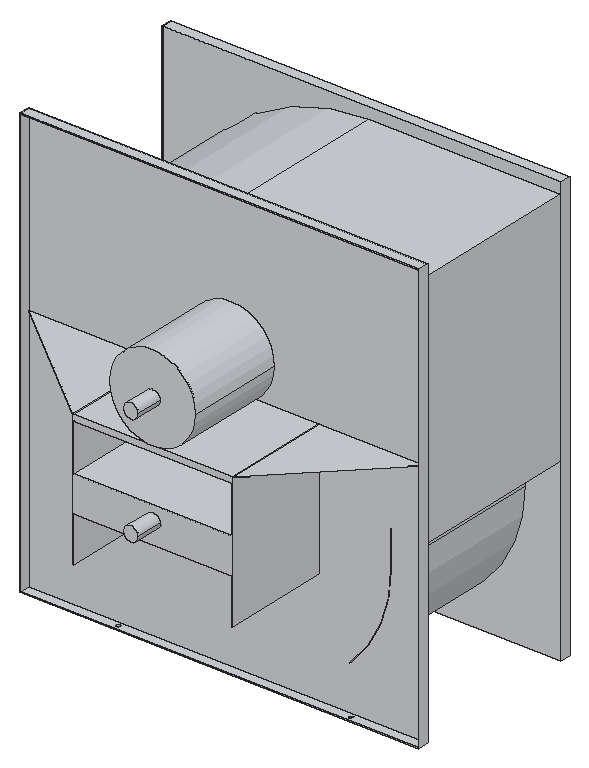
Revit family "CA-4_SWSI_ARR_2_CW_THD", category Mechanical Equipment, Revit 2019
Family settings
  Round Connector Dimension = Use Radius
  Part Type = Normal
  Work Plane-Based = No
  Always vertical = Yes
  Cut with Voids When Loaded = No
  Shared = No
  Room Calculation Point = No
Parameters (values of type "600_CA-4_SWSI_ARR_2_CW_THD_CLASS_3")
  S = 32"
  R = 49 5/16"
  P = 24 21/32"
  O/2 = O / 2  # 17/32"
  O = 1 1/16"
  N/2 = N / 2  # 1 31/32"
  N = 3 15/16"
  ModelID [instance] = ""
  MOTOR_RAD = N * 3  # 11 13/16"
  M = 66 11/16"
  L = 10"
  K = 56 11/16"
  J = 3"
  INLET_RAD/2 = INLET_RAD / 2  # 16 1/2"
  INLET_RAD+1.5" = INLET_RAD + 1 1/2"  # 34 1/2"
  INLET_RAD = INLET_DIA / 2  # 33"
  INLET_DIA = 66"
  H = 51 5/8"
  G/5 = G / 5  # 21.925"
  G = 109 5/8"
  F = 118"
  Unit Weight [instance] = ""
  Sones [instance] = ""
  Motor RPM [instance] = ""
  Motor Enclosure [instance] = ""
  LwA [instance] = ""
  Fan RPM [instance] = ""
  E-(INLET_RAD+1.5") = E - (INLET_RAD + 1 1/2")  # 15 1/4"
  E+(INLET_RAD+1.5") = E + (INLET_RAD + 1 1/2")  # 84 1/4"
  E = 49 3/4"
  D-((D-B)/2) = D - ((D - B) / 2)  # 48 13/16"
  D = 51 13/16"
  B = 45 13/16"
  Accessories [instance] = ""
  ARR_2_L-ARR_2_K = ARR_2_L - ARR_2_K  # 26 7/8"
  ARR_2_L = 34 3/8"
  ARR_2_K = 7 1/2"
  A = 65 5/8"
  3" = 3"  # constant formula
  Brake Hp [instance] = ""
  4" = 4"  # constant formula
  2N = N + N  # 7 7/8"
  2' = 24"
  2" = 2"  # constant formula
  1" = 1"  # constant formula
  0 = 0"  # constant formula
  Voltage [instance] = 0 V
  URL = "www.lorencook.com"
  Type Comments = "Airfoil Centrifugal Blower Arrangement 2 Clockwise Top Horizontal Discharge"  # constant formula
  Static Pressure [instance] = 0.00 in-wg
  Power [instance] = Voltage * Motor FLA * sqrt(if(Phase = 3, 3, 1))  # 0 VA
  Phase [instance] = 0
  Number of Poles [instance] = 1
  Motor Hp [instance] = "0"
  Motor FLA [instance] = 0 A
  Model = "CA-4 SWSI ARR 2 CW THD CLASS 3"
  Manufacturer = "Loren Cook Company"
  CFM [instance] = 0 CFM
  1.5 = 1 1/2"  # constant formula
  ONE EIGTH = 1/8"  # constant formula
  -(ARR_2_L - ARR_2_K) = -(ARR_2_L - ARR_2_K)  # -26 7/8"
  -(((K-B)/2)-.125") = -(((K - B) / 2) - 1/8")  # -5 5/16"
  -(((D - B) / 2) - 1/8") = -(((D - B) / 2) - 1/8")  # -2 7/8"
  (R-B)/2 = (R - B) / 2  # 1 3/4"
  ((K-B)/2)+B = ((K - B) / 2) + B  # 51 1/4"
  (D-B)/2 = (D - B) / 2  # 3"
  -(((K-B)/2)+L) = -(((K - B) / 2) + L)  # -15 7/16"
  ((D-B)/2)-.125" = ((D - B) / 2) - 1/8"  # 2 7/8"
Types (55): name | S | R | P | O/2 | O | N/2 | N | MOTOR_RAD | M | L | K | J | INLET_RAD/2 | INLET_RAD+1.5" | INLET_RAD | INLET_DIA | H | G/5 | G | F | E-(INLET_RAD+1.5") | E+(INLET_RAD+1.5") | E | D-((D-B)/2) | D | B | ARR_2_L-ARR_2_K | ARR_2_L | ARR_2_K | A | 2N | Model | -(ARR_2_L - ARR_2_K) | -(((K-B)/2)-.125") | -(((D - B) / 2) - 1/8") | (R-B)/2 | ((K-B)/2)+B | (D-B)/2 | -(((K-B)/2)+L) | ((D-B)/2)-.125"
  (no name) | 32" | 49 5/16" | 24 21/32" | 17/32" | 1 1/16" | 1 31/32" | 3 15/16" | 11 13/16" | 66 11/16" | 10" | 56 11/16" | 3" | 16 1/2" | 34 1/2" | 33" | 66" | 51 5/8" | 21.925" | 109 5/8" | 118" | 15 1/4" | 84 1/4" | 49 3/4" | 48 13/16" | 51 13/16" | 45 13/16" | 26 7/8" | 34 3/8" | 7 1/2" | 65 5/8" | 7 7/8" | "CA-4 SWSI ARR 2 CW THD CLASS 3" | -26 7/8" | -5 5/16" | -2 7/8" | 1 3/4" | 51 1/4" | 3" | -15 7/16" | 2 7/8"
  120_CA-4_SWSI_ARR_2_CW_THD_CLASS_1 | 7 1/2" | 11 7/16" | 5 23/32" | 11/32" | 11/16" | 1/2" | 1" | 3" | 18 7/8" | 3" | 15 7/8" | 2" | 4 1/16" | 9 5/8" | 8 1/8" | 16 1/4" | 10 3/8" | 4.55" | 22 3/4" | 25 3/4" | 1 1/8" | 20 3/8" | 10 3/4" | 11 3/16" | 13 3/16" | 9 3/16" | 17 5/8" | 21 5/8" | 4" | 13 1/8" | 2" | "CA-4 SWSI ARR 2 CW THD CLASS 1" | -17 5/8" | -3 7/32" | -1 7/8" | 1 1/8" | 12 17/32" | 2" | -6 11/32" | 1 7/8"
  120_CA-4_SWSI_ARR_2_CW_THD_CLASS_2 | 7 1/2" | 11 7/16" | 5 23/32" | 11/32" | 11/16" | 1/2" | 1" | 3" | 18 7/8" | 3" | 15 7/8" | 2" | 4 1/16" | 9 5/8" | 8 1/8" | 16 1/4" | 10 3/8" | 4.55" | 22 3/4" | 25 3/4" | 1 1/8" | 20 3/8" | 10 3/4" | 11 3/16" | 13 3/16" | 9 3/16" | 17 5/8" | 21 5/8" | 4" | 13 1/8" | 2" | "CA-4 SWSI ARR 2 CW THD CLASS 2" | -17 5/8" | -3 7/32" | -1 7/8" | 1 1/8" | 12 17/32" | 2" | -6 11/32" | 1 7/8"
  120_CA-4_SWSI_ARR_2_CW_THD_CLASS_3 | 7 1/2" | 11 7/16" | 5 23/32" | 11/32" | 11/16" | 19/32" | 1 3/16" | 3 9/16" | 18 7/8" | 3" | 15 7/8" | 2" | 4 1/16" | 9 5/8" | 8 1/8" | 16 1/4" | 10 3/8" | 4.55" | 22 3/4" | 25 3/4" | 1 1/8" | 20 3/8" | 10 3/4" | 11 3/16" | 13 3/16" | 9 3/16" | 17 5/8" | 21 5/8" | 4" | 13 1/8" | 2 3/8" | "CA-4 SWSI ARR 2 CW THD CLASS 3" | -17 5/8" | -3 7/32" | -1 7/8" | 1 1/8" | 12 17/32" | 2" | -6 11/32" | 1 7/8"
  135_CA-4_SWSI_ARR_2_CW_THD_CLASS_1 | 8 1/2" | 12 9/16" | 6 9/32" | 11/32" | 11/16" | 1/2" | 1" | 3" | 20" | 3" | 17" | 2" | 4 7/16" | 10 3/8" | 8 7/8" | 17 3/4" | 11 5/8" | 5.1" | 25 1/2" | 28 3/4" | 1 5/8" | 22 3/8" | 12" | 12 5/16" | 14 5/16" | 10 5/16" | 17 5/8" | 21 5/8" | 4" | 14 3/4" | 2" | "CA-4 SWSI ARR 2 CW THD CLASS 1" | -17 5/8" | -3 7/32" | -1 7/8" | 1 1/8" | 13 21/32" | 2" | -6 11/32" | 1 7/8"
  135_CA-4_SWSI_ARR_2_CW_THD_CLASS_2 | 8 1/2" | 12 9/16" | 6 9/32" | 11/32" | 11/16" | 1/2" | 1" | 3" | 20" | 3" | 17" | 2" | 4 7/16" | 10 3/8" | 8 7/8" | 17 3/4" | 11 5/8" | 5.1" | 25 1/2" | 28 3/4" | 1 5/8" | 22 3/8" | 12" | 12 5/16" | 14 5/16" | 10 5/16" | 17 5/8" | 21 5/8" | 4" | 14 3/4" | 2" | "CA-4 SWSI ARR 2 CW THD CLASS 2" | -17 5/8" | -3 7/32" | -1 7/8" | 1 1/8" | 13 21/32" | 2" | -6 11/32" | 1 7/8"
  135_CA-4_SWSI_ARR_2_CW_THD_CLASS_3 | 8 1/2" | 12 9/16" | 6 9/32" | 11/32" | 11/16" | 19/32" | 1 3/16" | 3 9/16" | 20" | 3" | 17" | 2" | 4 7/16" | 10 3/8" | 8 7/8" | 17 3/4" | 11 5/8" | 5.1" | 25 1/2" | 28 3/4" | 1 5/8" | 22 3/8" | 12" | 12 5/16" | 14 5/16" | 10 5/16" | 17 5/8" | 21 5/8" | 4" | 14 3/4" | 2 3/8" | "CA-4 SWSI ARR 2 CW THD CLASS 3" | -17 5/8" | -3 7/32" | -1 7/8" | 1 1/8" | 13 21/32" | 2" | -6 11/32" | 1 7/8"
  150_CA-4_SWSI_ARR_2_CW_THD_CLASS_1 | 9" | 13 11/16" | 6 27/32" | 11/32" | 11/16" | 1/2" | 1" | 3" | 21 1/8" | 3" | 18 1/8" | 2" | 4 13/16" | 11 1/8" | 9 5/8" | 19 1/4" | 12 7/8" | 5 5/8" | 28 1/8" | 31 5/8" | 2 1/8" | 24 3/8" | 13 1/4" | 13 7/16" | 15 7/16" | 11 7/16" | 17 5/8" | 21 5/8" | 4" | 16 7/16" | 2" | "CA-4 SWSI ARR 2 CW THD CLASS 1" | -17 5/8" | -3 7/32" | -1 7/8" | 1 1/8" | 14 25/32" | 2" | -6 11/32" | 1 7/8"
  150_CA-4_SWSI_ARR_2_CW_THD_CLASS_2 | 9" | 13 11/16" | 6 27/32" | 11/32" | 11/16" | 19/32" | 1 3/16" | 3 9/16" | 21 1/8" | 3" | 18 1/8" | 2" | 4 13/16" | 11 1/8" | 9 5/8" | 19 1/4" | 12 7/8" | 5 5/8" | 28 1/8" | 31 5/8" | 2 1/8" | 24 3/8" | 13 1/4" | 13 7/16" | 15 7/16" | 11 7/16" | 17 5/8" | 21 5/8" | 4" | 16 7/16" | 2 3/8" | "CA-4 SWSI ARR 2 CW THD CLASS 2" | -17 5/8" | -3 7/32" | -1 7/8" | 1 1/8" | 14 25/32" | 2" | -6 11/32" | 1 7/8"
  150_CA-4_SWSI_ARR_2_CW_THD_CLASS_3 | 9" | 13 11/16" | 6 27/32" | 11/32" | 11/16" | 23/32" | 1 7/16" | 4 5/16" | 21 1/8" | 3" | 18 1/8" | 2" | 4 13/16" | 11 1/8" | 9 5/8" | 19 1/4" | 12 7/8" | 5 5/8" | 28 1/8" | 31 5/8" | 2 1/8" | 24 3/8" | 13 1/4" | 13 7/16" | 15 7/16" | 11 7/16" | 17 5/8" | 21 5/8" | 4" | 16 7/16" | 2 7/8" | "CA-4 SWSI ARR 2 CW THD CLASS 3" | -17 5/8" | -3 7/32" | -1 7/8" | 1 1/8" | 14 25/32" | 2" | -6 11/32" | 1 7/8"
  165_CA-4_SWSI_ARR_2_CW_THD_CLASS_1 | 10" | 14 7/8" | 7 7/16" | 11/32" | 11/16" | 1/2" | 1" | 3" | 23 15/16" | 4" | 19 5/16" | 2" | 5 5/16" | 12 1/8" | 10 5/8" | 21 1/4" | 14 1/4" | 6.175" | 30 7/8" | 34 3/8" | 2 1/4" | 26 1/2" | 14 3/8" | 14 5/8" | 16 5/8" | 12 5/8" | 17 5/8" | 21 5/8" | 4" | 18 1/16" | 2" | "CA-4 SWSI ARR 2 CW THD CLASS 1" | -17 5/8" | -3 7/32" | -1 7/8" | 1 1/8" | 15 31/32" | 2" | -7 11/32" | 1 7/8"
  165_CA-4_SWSI_ARR_2_CW_THD_CLASS_2 | 10" | 14 7/8" | 7 7/16" | 11/32" | 11/16" | 19/32" | 1 3/16" | 3 9/16" | 23 15/16" | 4" | 19 5/16" | 2" | 5 5/16" | 12 1/8" | 10 5/8" | 21 1/4" | 14 1/4" | 6.175" | 30 7/8" | 34 3/8" | 2 1/4" | 26 1/2" | 14 3/8" | 14 5/8" | 16 5/8" | 12 5/8" | 17 5/8" | 21 5/8" | 4" | 18 1/16" | 2 3/8" | "CA-4 SWSI ARR 2 CW THD CLASS 2" | -17 5/8" | -3 7/32" | -1 7/8" | 1 1/8" | 15 31/32" | 2" | -7 11/32" | 1 7/8"
  165_CA-4_SWSI_ARR_2_CW_THD_CLASS_3 | 10" | 14 7/8" | 7 7/16" | 11/32" | 11/16" | 23/32" | 1 7/16" | 4 5/16" | 23 15/16" | 4" | 19 5/16" | 2" | 5 5/16" | 12 1/8" | 10 5/8" | 21 1/4" | 14 1/4" | 6.175" | 30 7/8" | 34 3/8" | 2 1/4" | 26 1/2" | 14 3/8" | 14 5/8" | 16 5/8" | 12 5/8" | 17 5/8" | 21 5/8" | 4" | 18 1/16" | 2 7/8" | "CA-4 SWSI ARR 2 CW THD CLASS 3" | -17 5/8" | -3 7/32" | -1 7/8" | 1 1/8" | 15 31/32" | 2" | -7 11/32" | 1 7/8"
  180_CA-4_SWSI_ARR_2_CW_THD_CLASS_1 | 11" | 16" | 8" | 11/32" | 11/16" | 19/32" | 1 3/16" | 3 9/16" | 24 15/16" | 4 1/2" | 20 7/16" | 2" | 5 11/16" | 12 7/8" | 11 3/8" | 22 3/4" | 15 1/2" | 6.725" | 33 5/8" | 37 1/8" | 2 3/4" | 28 1/2" | 15 5/8" | 15 3/4" | 17 3/4" | 13 3/4" | 20 1/8" | 24 3/8" | 4 1/4" | 19 11/16" | 2 3/8" | "CA-4 SWSI ARR 2 CW THD CLASS 1" | -20 1/8" | -3 7/32" | -1 7/8" | 1 1/8" | 17 3/32" | 2" | -7 27/32" | 1 7/8"
  180_CA-4_SWSI_ARR_2_CW_THD_CLASS_2 | 11" | 16" | 8" | 11/32" | 11/16" | 23/32" | 1 7/16" | 4 5/16" | 24 15/16" | 4 1/2" | 20 7/16" | 2" | 5 11/16" | 12 7/8" | 11 3/8" | 22 3/4" | 15 1/2" | 6.725" | 33 5/8" | 37 1/8" | 2 3/4" | 28 1/2" | 15 5/8" | 15 3/4" | 17 3/4" | 13 3/4" | 20 1/8" | 24 3/8" | 4 1/4" | 19 11/16" | 2 7/8" | "CA-4 SWSI ARR 2 CW THD CLASS 2" | -20 1/8" | -3 7/32" | -1 7/8" | 1 1/8" | 17 3/32" | 2" | -7 27/32" | 1 7/8"
  180_CA-4_SWSI_ARR_2_CW_THD_CLASS_3 | 11" | 16" | 8" | 11/32" | 11/16" | 27/32" | 1 11/16" | 5 1/16" | 24 15/16" | 4 1/2" | 20 7/16" | 2" | 5 11/16" | 12 7/8" | 11 3/8" | 22 3/4" | 15 1/2" | 6.725" | 33 5/8" | 37 1/8" | 2 3/4" | 28 1/2" | 15 5/8" | 15 3/4" | 17 3/4" | 13 3/4" | 20 1/8" | 24 3/8" | 4 1/4" | 19 11/16" | 3 3/8" | "CA-4 SWSI ARR 2 CW THD CLASS 3" | -20 1/8" | -3 7/32" | -1 7/8" | 1 1/8" | 17 3/32" | 2" | -7 27/32" | 1 7/8"
  195_CA-4_SWSI_ARR_2_CW_THD_CLASS_1 | 11 1/2" | 17 3/16" | 8 19/32" | 11/32" | 11/16" | 23/32" | 1 7/16" | 4 5/16" | 27 3/16" | 4 1/2" | 22 11/16" | 2" | 6 1/16" | 13 5/8" | 12 1/8" | 24 1/4" | 16 3/4" | 7 1/4" | 36 1/4" | 40" | 3 1/8" | 30 3/8" | 16 3/4" | 16 15/16" | 18 15/16" | 14 15/16" | 20 1/8" | 24 3/8" | 4 1/4" | 21 5/16" | 2 7/8" | "CA-4 SWSI ARR 2 CW THD CLASS 1" | -20 1/8" | -3 3/4" | -1 7/8" | 1 1/8" | 18 13/16" | 2" | -8 3/8" | 1 7/8"
  195_CA-4_SWSI_ARR_2_CW_THD_CLASS_2 | 11 1/2" | 17 3/16" | 8 19/32" | 11/32" | 11/16" | 23/32" | 1 7/16" | 4 5/16" | 27 3/16" | 4 1/2" | 22 11/16" | 2" | 6 1/16" | 13 5/8" | 12 1/8" | 24 1/4" | 16 3/4" | 7 1/4" | 36 1/4" | 40" | 3 1/8" | 30 3/8" | 16 3/4" | 16 15/16" | 18 15/16" | 14 15/16" | 20 1/8" | 24 3/8" | 4 1/4" | 21 5/16" | 2 7/8" | "CA-4 SWSI ARR 2 CW THD CLASS 2" | -20 1/8" | -3 3/4" | -1 7/8" | 1 1/8" | 18 13/16" | 2" | -8 3/8" | 1 7/8"
  195_CA-4_SWSI_ARR_2_CW_THD_CLASS_3 | 11 1/2" | 17 3/16" | 8 19/32" | 11/32" | 11/16" | 27/32" | 1 11/16" | 5 1/16" | 27 3/16" | 4 1/2" | 22 11/16" | 2" | 6 1/16" | 13 5/8" | 12 1/8" | 24 1/4" | 16 3/4" | 7 1/4" | 36 1/4" | 40" | 3 1/8" | 30 3/8" | 16 3/4" | 16 15/16" | 18 15/16" | 14 15/16" | 20 1/8" | 24 3/8" | 4 1/4" | 21 5/16" | 3 3/8" | "CA-4 SWSI ARR 2 CW THD CLASS 3" | -20 1/8" | -3 3/4" | -1 7/8" | 1 1/8" | 18 13/16" | 2" | -8 3/8" | 1 7/8"
  210_CA-4_SWSI_ARR_2_CW_THD_CLASS_1 | 12" | 18 5/16" | 9 5/32" | 13/32" | 13/16" | 23/32" | 1 7/16" | 4 5/16" | 28 13/16" | 5" | 23 13/16" | 2" | 6 1/2" | 14 1/2" | 13" | 26" | 18 1/8" | 7.825" | 39 1/8" | 42 7/8" | 3 1/2" | 32 1/2" | 18" | 18 1/16" | 20 1/16" | 16 1/16" | 23 1/8" | 27 3/8" | 4 1/4" | 23" | 2 7/8" | "CA-4 SWSI ARR 2 CW THD CLASS 1" | -23 1/8" | -3 3/4" | -1 7/8" | 1 1/8" | 19 15/16" | 2" | -8 7/8" | 1 7/8"
  210_CA-4_SWSI_ARR_2_CW_THD_CLASS_2 | 12" | 18 5/16" | 9 5/32" | 13/32" | 13/16" | 23/32" | 1 7/16" | 4 5/16" | 28 13/16" | 5" | 23 13/16" | 2" | 6 1/2" | 14 1/2" | 13" | 26" | 18 1/8" | 7.825" | 39 1/8" | 42 7/8" | 3 1/2" | 32 1/2" | 18" | 18 1/16" | 20 1/16" | 16 1/16" | 23 1/8" | 27 3/8" | 4 1/4" | 23" | 2 7/8" | "CA-4 SWSI ARR 2 CW THD CLASS 2" | -23 1/8" | -3 3/4" | -1 7/8" | 1 1/8" | 19 15/16" | 2" | -8 7/8" | 1 7/8"
  210_CA-4_SWSI_ARR_2_CW_THD_CLASS_3 | 12" | 18 5/16" | 9 5/32" | 13/32" | 13/16" | 27/32" | 1 11/16" | 5 1/16" | 28 13/16" | 5" | 23 13/16" | 2" | 6 1/2" | 14 1/2" | 13" | 26" | 18 1/8" | 7.825" | 39 1/8" | 42 7/8" | 3 1/2" | 32 1/2" | 18" | 18 1/16" | 20 1/16" | 16 1/16" | 23 1/8" | 27 3/8" | 4 1/4" | 23" | 3 3/8" | "CA-4 SWSI ARR 2 CW THD CLASS 3" | -23 1/8" | -3 3/4" | -1 7/8" | 1 1/8" | 19 15/16" | 2" | -8 7/8" | 1 7/8"
  225_CA-4_SWSI_ARR_2_CW_THD_CLASS_1 | 12 1/2" | 19 7/16" | 9 23/32" | 13/32" | 13/16" | 23/32" | 1 7/16" | 4 5/16" | 29 15/16" | 5" | 24 15/16" | 2" | 6 7/8" | 15 1/4" | 13 3/4" | 27 1/2" | 19 3/8" | 8.35" | 41 3/4" | 45 3/4" | 4" | 34 1/2" | 19 1/4" | 19 3/16" | 21 3/16" | 17 3/16" | 23 1/8" | 27 3/8" | 4 1/4" | 24 5/8" | 2 7/8" | "CA-4 SWSI ARR 2 CW THD CLASS 1" | -23 1/8" | -3 3/4" | -1 7/8" | 1 1/8" | 21 1/16" | 2" | -8 7/8" | 1 7/8"
  225_CA-4_SWSI_ARR_2_CW_THD_CLASS_2 | 12 1/2" | 19 7/16" | 9 23/32" | 13/32" | 13/16" | 23/32" | 1 7/16" | 4 5/16" | 29 15/16" | 5" | 24 15/16" | 2" | 6 7/8" | 15 1/4" | 13 3/4" | 27 1/2" | 19 3/8" | 8.35" | 41 3/4" | 45 3/4" | 4" | 34 1/2" | 19 1/4" | 19 3/16" | 21 3/16" | 17 3/16" | 23 1/8" | 27 3/8" | 4 1/4" | 24 5/8" | 2 7/8" | "CA-4 SWSI ARR 2 CW THD CLASS 2" | -23 1/8" | -3 3/4" | -1 7/8" | 1 1/8" | 21 1/16" | 2" | -8 7/8" | 1 7/8"
  225_CA-4_SWSI_ARR_2_CW_THD_CLASS_3 | 12 1/2" | 19 7/16" | 9 23/32" | 13/32" | 13/16" | 27/32" | 1 11/16" | 5 1/16" | 29 15/16" | 5" | 24 15/16" | 2" | 6 7/8" | 15 1/4" | 13 3/4" | 27 1/2" | 19 3/8" | 8.35" | 41 3/4" | 45 3/4" | 4" | 34 1/2" | 19 1/4" | 19 3/16" | 21 3/16" | 17 3/16" | 23 1/8" | 27 3/8" | 4 1/4" | 24 5/8" | 3 3/8" | "CA-4 SWSI ARR 2 CW THD CLASS 3" | -23 1/8" | -3 3/4" | -1 7/8" | 1 1/8" | 21 1/16" | 2" | -8 7/8" | 1 7/8"
  245_CA-4_SWSI_ARR_2_CW_THD_CLASS_1 | 13 1/2" | 21" | 10 1/2" | 13/32" | 13/16" | 23/32" | 1 7/16" | 4 5/16" | 32" | 5 1/2" | 26 1/2" | 2" | 7 3/8" | 16 1/4" | 14 3/4" | 29 1/2" | 21 1/8" | 9.075" | 45 3/8" | 49 1/2" | 4 5/8" | 37 1/8" | 20 7/8" | 20 3/4" | 22 3/4" | 18 3/4" | 22 9/16" | 27 13/16" | 5 1/4" | 26 13/16" | 2 7/8" | "CA-4 SWSI ARR 2 CW THD CLASS 1" | -22 9/16" | -3 3/4" | -1 7/8" | 1 1/8" | 22 5/8" | 2" | -9 3/8" | 1 7/8"
  245_CA-4_SWSI_ARR_2_CW_THD_CLASS_2 | 13 1/2" | 21" | 10 1/2" | 13/32" | 13/16" | 27/32" | 1 11/16" | 5 1/16" | 32" | 5 1/2" | 26 1/2" | 2" | 7 3/8" | 16 1/4" | 14 3/4" | 29 1/2" | 21 1/8" | 9.075" | 45 3/8" | 49 1/2" | 4 5/8" | 37 1/8" | 20 7/8" | 20 3/4" | 22 3/4" | 18 3/4" | 22 9/16" | 27 13/16" | 5 1/4" | 26 13/16" | 3 3/8" | "CA-4 SWSI ARR 2 CW THD CLASS 2" | -22 9/16" | -3 3/4" | -1 7/8" | 1 1/8" | 22 5/8" | 2" | -9 3/8" | 1 7/8"
  245_CA-4_SWSI_ARR_2_CW_THD_CLASS_3 | 13 1/2" | 21" | 10 1/2" | 13/32" | 13/16" | 31/32" | 1 15/16" | 5 13/16" | 32" | 5 1/2" | 26 1/2" | 2" | 7 3/8" | 16 1/4" | 14 3/4" | 29 1/2" | 21 1/8" | 9.075" | 45 3/8" | 49 1/2" | 4 5/8" | 37 1/8" | 20 7/8" | 20 3/4" | 22 3/4" | 18 3/4" | 22 9/16" | 27 13/16" | 5 1/4" | 26 13/16" | 3 7/8" | "CA-4 SWSI ARR 2 CW THD CLASS 3" | -22 9/16" | -3 3/4" | -1 7/8" | 1 1/8" | 22 5/8" | 2" | -9 3/8" | 1 7/8"
  270_CA-4_SWSI_ARR_2_CW_THD_CLASS_1 | 15" | 22 7/8" | 11 7/16" | 13/32" | 13/16" | 23/32" | 1 7/16" | 4 5/16" | 34 3/8" | 6" | 28 3/8" | 2" | 8" | 17 1/2" | 16" | 32" | 23 1/4" | 9.975" | 49 7/8" | 54 3/4" | 5 7/8" | 40 7/8" | 23 3/8" | 22 5/8" | 24 5/8" | 20 5/8" | 22 9/16" | 27 13/16" | 5 1/4" | 29 9/16" | 2 7/8" | "CA-4 SWSI ARR 2 CW THD CLASS 1" | -22 9/16" | -3 3/4" | -1 7/8" | 1 1/8" | 24 1/2" | 2" | -9 7/8" | 1 7/8"
  270_CA-4_SWSI_ARR_2_CW_THD_CLASS_2 | 15" | 22 7/8" | 11 7/16" | 13/32" | 13/16" | 27/32" | 1 11/16" | 5 1/16" | 34 3/8" | 6" | 28 3/8" | 2" | 8" | 17 1/2" | 16" | 32" | 23 1/4" | 9.975" | 49 7/8" | 54 3/4" | 5 7/8" | 40 7/8" | 23 3/8" | 22 5/8" | 24 5/8" | 20 5/8" | 22 9/16" | 27 13/16" | 5 1/4" | 29 9/16" | 3 3/8" | "CA-4 SWSI ARR 2 CW THD CLASS 2" | -22 9/16" | -3 3/4" | -1 7/8" | 1 1/8" | 24 1/2" | 2" | -9 7/8" | 1 7/8"
  270_CA-4_SWSI_ARR_2_CW_THD_CLASS_3 | 15" | 22 7/8" | 11 7/16" | 13/32" | 13/16" | 31/32" | 1 15/16" | 5 13/16" | 34 3/8" | 6" | 28 3/8" | 2" | 8" | 17 1/2" | 16" | 32" | 23 1/4" | 9.975" | 49 7/8" | 54 3/4" | 5 7/8" | 40 7/8" | 23 3/8" | 22 5/8" | 24 5/8" | 20 5/8" | 22 9/16" | 27 13/16" | 5 1/4" | 29 9/16" | 3 7/8" | "CA-4 SWSI ARR 2 CW THD CLASS 3" | -22 9/16" | -3 3/4" | -1 7/8" | 1 1/8" | 24 1/2" | 2" | -9 7/8" | 1 7/8"
  300_CA-4_SWSI_ARR_2_CW_THD_CLASS_1 | 16 1/2" | 25 3/16" | 12 19/32" | 13/32" | 13/16" | 27/32" | 1 11/16" | 5 1/16" | 37 3/16" | 6 1/2" | 30 11/16" | 2" | 8 3/4" | 19" | 17 1/2" | 35" | 25 7/8" | 11.075" | 55 3/8" | 60" | 6 3/8" | 44 3/8" | 25 3/8" | 24 15/16" | 26 15/16" | 22 15/16" | 24 7/8" | 30 3/4" | 5 7/8" | 32 13/16" | 3 3/8" | "CA-4 SWSI ARR 2 CW THD CLASS 1" | -24 7/8" | -3 3/4" | -1 7/8" | 1 1/8" | 26 13/16" | 2" | -10 3/8" | 1 7/8"
  300_CA-4_SWSI_ARR_2_CW_THD_CLASS_2 | 16 1/2" | 25 3/16" | 12 19/32" | 13/32" | 13/16" | 31/32" | 1 15/16" | 5 13/16" | 37 3/16" | 6 1/2" | 30 11/16" | 2" | 8 3/4" | 19" | 17 1/2" | 35" | 25 7/8" | 11.075" | 55 3/8" | 60" | 6 3/8" | 44 3/8" | 25 3/8" | 24 15/16" | 26 15/16" | 22 15/16" | 24 7/8" | 30 3/4" | 5 7/8" | 32 13/16" | 3 7/8" | "CA-4 SWSI ARR 2 CW THD CLASS 2" | -24 7/8" | -3 3/4" | -1 7/8" | 1 1/8" | 26 13/16" | 2" | -10 3/8" | 1 7/8"
  300_CA-4_SWSI_ARR_2_CW_THD_CLASS_3 | 16 1/2" | 25 3/16" | 12 19/32" | 13/32" | 13/16" | 1 3/32" | 2 3/16" | 6 9/16" | 37 3/16" | 6 1/2" | 30 11/16" | 2" | 8 3/4" | 19" | 17 1/2" | 35" | 25 7/8" | 11.075" | 55 3/8" | 60" | 6 3/8" | 44 3/8" | 25 3/8" | 24 15/16" | 26 15/16" | 22 15/16" | 24 7/8" | 30 3/4" | 5 7/8" | 32 13/16" | 4 3/8" | "CA-4 SWSI ARR 2 CW THD CLASS 3" | -24 7/8" | -3 3/4" | -1 7/8" | 1 1/8" | 26 13/16" | 2" | -10 3/8" | 1 7/8"
  330_CA-4_SWSI_ARR_2_CW_THD_CLASS_1 | 18" | 27 1/2" | 13 3/4" | 13/32" | 13/16" | 27/32" | 1 11/16" | 5 1/16" | 40" | 7" | 33" | 2" | 9 1/2" | 20 1/2" | 19" | 38" | 28 3/8" | 12.15" | 60 3/4" | 65 3/4" | 7 3/8" | 48 3/8" | 27 7/8" | 27 1/4" | 29 1/4" | 25 1/4" | 24 7/8" | 30 3/4" | 5 7/8" | 36 1/8" | 3 3/8" | "CA-4 SWSI ARR 2 CW THD CLASS 1" | -24 7/8" | -3 3/4" | -1 7/8" | 1 1/8" | 29 1/8" | 2" | -10 7/8" | 1 7/8"
  330_CA-4_SWSI_ARR_2_CW_THD_CLASS_2 | 18" | 27 1/2" | 13 3/4" | 13/32" | 13/16" | 1 3/32" | 2 3/16" | 6 9/16" | 40" | 7" | 33" | 2" | 9 1/2" | 20 1/2" | 19" | 38" | 28 3/8" | 12.15" | 60 3/4" | 65 3/4" | 7 3/8" | 48 3/8" | 27 7/8" | 27 1/4" | 29 1/4" | 25 1/4" | 24 7/8" | 30 3/4" | 5 7/8" | 36 1/8" | 4 3/8" | "CA-4 SWSI ARR 2 CW THD CLASS 2" | -24 7/8" | -3 3/4" | -1 7/8" | 1 1/8" | 29 1/8" | 2" | -10 7/8" | 1 7/8"
  330_CA-4_SWSI_ARR_2_CW_THD_CLASS_3 | 18" | 27 1/2" | 13 3/4" | 13/32" | 13/16" | 1 3/32" | 2 3/16" | 6 9/16" | 40" | 7" | 33" | 2" | 9 1/2" | 20 1/2" | 19" | 38" | 28 3/8" | 12.15" | 60 3/4" | 65 3/4" | 7 3/8" | 48 3/8" | 27 7/8" | 27 1/4" | 29 1/4" | 25 1/4" | 24 7/8" | 30 3/4" | 5 7/8" | 36 1/8" | 4 3/8" | "CA-4 SWSI ARR 2 CW THD CLASS 3" | -24 7/8" | -3 3/4" | -1 7/8" | 1 1/8" | 29 1/8" | 2" | -10 7/8" | 1 7/8"
  365_CA-4_SWSI_ARR_2_CW_THD_CLASS_1 | 20" | 30 1/8" | 15 1/16" | 13/32" | 13/16" | 31/32" | 1 15/16" | 5 13/16" | 43 1/8" | 7 1/2" | 35 5/8" | 2" | 10 3/8" | 22 1/4" | 20 3/4" | 41 1/2" | 31 3/8" | 13.4" | 67" | 72 3/8" | 8 3/8" | 52 7/8" | 30 5/8" | 29 7/8" | 31 7/8" | 27 7/8" | 27 1/8" | 33" | 5 7/8" | 39 15/16" | 3 7/8" | "CA-4 SWSI ARR 2 CW THD CLASS 1" | -27 1/8" | -3 3/4" | -1 7/8" | 1 1/8" | 31 3/4" | 2" | -11 3/8" | 1 7/8"
  365_CA-4_SWSI_ARR_2_CW_THD_CLASS_2 | 20" | 30 1/8" | 15 1/16" | 13/32" | 13/16" | 1 7/32" | 2 7/16" | 7 5/16" | 43 1/8" | 7 1/2" | 35 5/8" | 2" | 10 3/8" | 22 1/4" | 20 3/4" | 41 1/2" | 31 3/8" | 13.4" | 67" | 72 3/8" | 8 3/8" | 52 7/8" | 30 5/8" | 29 7/8" | 31 7/8" | 27 7/8" | 27 1/8" | 33" | 5 7/8" | 39 15/16" | 4 7/8" | "CA-4 SWSI ARR 2 CW THD CLASS 2" | -27 1/8" | -3 3/4" | -1 7/8" | 1 1/8" | 31 3/4" | 2" | -11 3/8" | 1 7/8"
  365_CA-4_SWSI_ARR_2_CW_THD_CLASS_3 | 20" | 30 1/8" | 15 1/16" | 13/32" | 13/16" | 1 7/32" | 2 7/16" | 7 5/16" | 43 1/8" | 7 1/2" | 35 5/8" | 2" | 10 3/8" | 22 1/4" | 20 3/4" | 41 1/2" | 31 3/8" | 13.4" | 67" | 72 3/8" | 8 3/8" | 52 7/8" | 30 5/8" | 29 7/8" | 31 7/8" | 27 7/8" | 27 1/8" | 33" | 5 7/8" | 39 15/16" | 4 7/8" | "CA-4 SWSI ARR 2 CW THD CLASS 3" | -27 1/8" | -3 3/4" | -1 7/8" | 1 1/8" | 31 3/4" | 2" | -11 3/8" | 1 7/8"
  402_CA-4_SWSI_ARR_2_CW_THD_CLASS_1 | 22" | 34 1/4" | 17 1/8" | 17/32" | 1 1/16" | 31/32" | 1 15/16" | 5 13/16" | 46 5/8" | 8" | 38 5/8" | 3" | 11 5/16" | 24 1/8" | 22 5/8" | 45 1/4" | 34 5/8" | 14.775" | 73 7/8" | 80 3/8" | 9 1/2" | 57 3/4" | 33 5/8" | 33 3/4" | 36 3/4" | 30 3/4" | 25 7/16" | 31 5/16" | 5 7/8" | 44 1/16" | 3 7/8" | "CA-4 SWSI ARR 2 CW THD CLASS 1" | -25 7/16" | -3 13/16" | -2 7/8" | 1 3/4" | 34 11/16" | 3" | -11 15/16" | 2 7/8"
  402_CA-4_SWSI_ARR_2_CW_THD_CLASS_2 | 22" | 34 1/4" | 17 1/8" | 17/32" | 1 1/16" | 1 7/32" | 2 7/16" | 7 5/16" | 46 5/8" | 8" | 38 5/8" | 3" | 11 5/16" | 24 1/8" | 22 5/8" | 45 1/4" | 34 5/8" | 14.775" | 73 7/8" | 80 3/8" | 9 1/2" | 57 3/4" | 33 5/8" | 33 3/4" | 36 3/4" | 30 3/4" | 25 7/16" | 31 5/16" | 5 7/8" | 44 1/16" | 4 7/8" | "CA-4 SWSI ARR 2 CW THD CLASS 2" | -25 7/16" | -3 13/16" | -2 7/8" | 1 3/4" | 34 11/16" | 3" | -11 15/16" | 2 7/8"
  402_CA-4_SWSI_ARR_2_CW_THD_CLASS_3 | 22" | 34 1/4" | 17 1/8" | 17/32" | 1 1/16" | 1 11/32" | 2 11/16" | 8 1/16" | 46 5/8" | 8" | 38 5/8" | 3" | 11 5/16" | 24 1/8" | 22 5/8" | 45 1/4" | 34 5/8" | 14.775" | 73 7/8" | 80 3/8" | 9 1/2" | 57 3/4" | 33 5/8" | 33 3/4" | 36 3/4" | 30 3/4" | 25 7/16" | 31 5/16" | 5 7/8" | 44 1/16" | 5 3/8" | "CA-4 SWSI ARR 2 CW THD CLASS 3" | -25 7/16" | -3 13/16" | -2 7/8" | 1 3/4" | 34 11/16" | 3" | -11 15/16" | 2 7/8"
  445_CA-4_SWSI_ARR_2_CW_THD_CLASS_1 | 24" | 37 1/2" | 18 3/4" | 17/32" | 1 1/16" | 31/32" | 1 15/16" | 5 13/16" | 50 3/8" | 8 1/2" | 41 7/8" | 3" | 12 3/8" | 26 1/4" | 24 3/4" | 49 1/2" | 38 1/4" | 16.3" | 81 1/2" | 88 1/2" | 10 7/8" | 63 3/8" | 37 1/8" | 37" | 40" | 34" | 26 11/16" | 33 1/16" | 6 3/8" | 48 11/16" | 3 7/8" | "CA-4 SWSI ARR 2 CW THD CLASS 1" | -26 11/16" | -3 13/16" | -2 7/8" | 1 3/4" | 37 15/16" | 3" | -12 7/16" | 2 7/8"
  445_CA-4_SWSI_ARR_2_CW_THD_CLASS_2 | 24" | 37 1/2" | 18 3/4" | 17/32" | 1 1/16" | 1 11/32" | 2 11/16" | 8 1/16" | 50 3/8" | 8 1/2" | 41 7/8" | 3" | 12 3/8" | 26 1/4" | 24 3/4" | 49 1/2" | 38 1/4" | 16.3" | 81 1/2" | 88 1/2" | 10 7/8" | 63 3/8" | 37 1/8" | 37" | 40" | 34" | 26 11/16" | 33 1/16" | 6 3/8" | 48 11/16" | 5 3/8" | "CA-4 SWSI ARR 2 CW THD CLASS 2" | -26 11/16" | -3 13/16" | -2 7/8" | 1 3/4" | 37 15/16" | 3" | -12 7/16" | 2 7/8"
  445_CA-4_SWSI_ARR_2_CW_THD_CLASS_3 | 24" | 37 1/2" | 18 3/4" | 17/32" | 1 1/16" | 1 15/32" | 2 15/16" | 8 13/16" | 50 3/8" | 8 1/2" | 41 7/8" | 3" | 12 3/8" | 26 1/4" | 24 3/4" | 49 1/2" | 38 1/4" | 16.3" | 81 1/2" | 88 1/2" | 10 7/8" | 63 3/8" | 37 1/8" | 37" | 40" | 34" | 26 11/16" | 33 1/16" | 6 3/8" | 48 11/16" | 5 7/8" | "CA-4 SWSI ARR 2 CW THD CLASS 3" | -26 11/16" | -3 13/16" | -2 7/8" | 1 3/4" | 37 15/16" | 3" | -12 7/16" | 2 7/8"
  490_CA-4_SWSI_ARR_2_CW_THD_CLASS_1 | 26 1/2" | 40 15/16" | 20 15/32" | 17/32" | 1 1/16" | 1 3/32" | 2 3/16" | 6 9/16" | 55 5/16" | 9" | 46 5/16" | 3" | 13 3/4" | 29" | 27 1/2" | 55" | 42 1/4" | 17.95" | 89 3/4" | 97" | 11 3/4" | 69 3/4" | 40 3/4" | 40 7/16" | 43 7/16" | 37 7/16" | 26 11/16" | 33 1/16" | 6 3/8" | 53 5/8" | 4 3/8" | "CA-4 SWSI ARR 2 CW THD CLASS 1" | -26 11/16" | -4 5/16" | -2 7/8" | 1 3/4" | 41 7/8" | 3" | -13 7/16" | 2 7/8"
  490_CA-4_SWSI_ARR_2_CW_THD_CLASS_2 | 26 1/2" | 40 15/16" | 20 15/32" | 17/32" | 1 1/16" | 1 11/32" | 2 11/16" | 8 1/16" | 55 5/16" | 9" | 46 5/16" | 3" | 13 3/4" | 29" | 27 1/2" | 55" | 42 1/4" | 17.95" | 89 3/4" | 97" | 11 3/4" | 69 3/4" | 40 3/4" | 40 7/16" | 43 7/16" | 37 7/16" | 26 11/16" | 33 1/16" | 6 3/8" | 53 5/8" | 5 3/8" | "CA-4 SWSI ARR 2 CW THD CLASS 2" | -26 11/16" | -4 5/16" | -2 7/8" | 1 3/4" | 41 7/8" | 3" | -13 7/16" | 2 7/8"
  490_CA-4_SWSI_ARR_2_CW_THD_CLASS_3 | 26 1/2" | 40 15/16" | 20 15/32" | 17/32" | 1 1/16" | 1 15/32" | 2 15/16" | 8 13/16" | 55 5/16" | 9" | 46 5/16" | 3" | 13 3/4" | 29" | 27 1/2" | 55" | 42 1/4" | 17.95" | 89 3/4" | 97" | 11 3/4" | 69 3/4" | 40 3/4" | 40 7/16" | 43 7/16" | 37 7/16" | 26 11/16" | 33 1/16" | 6 3/8" | 53 5/8" | 5 7/8" | "CA-4 SWSI ARR 2 CW THD CLASS 3" | -26 11/16" | -4 5/16" | -2 7/8" | 1 3/4" | 41 7/8" | 3" | -13 7/16" | 2 7/8"
  540_CA-4_SWSI_ARR_2_CW_THD_CLASS_1 | 29" | 44 3/4" | 22 3/8" | 17/32" | 1 1/16" | 1 23/32" | 3 7/16" | 10 5/16" | 61 5/8" | 9 1/2" | 52 1/8" | 3" | 15" | 31 1/2" | 30" | 60" | 46 1/2" | 19 3/4" | 98 3/4" | 106 5/8" | 13 3/8" | 76 3/8" | 44 7/8" | 44 1/4" | 47 1/4" | 41 1/4" | 26 7/8" | 34 3/8" | 7 1/2" | 59 1/16" | 6 7/8" | "CA-4 SWSI ARR 2 CW THD CLASS 1" | -26 7/8" | -5 5/16" | -2 7/8" | 1 3/4" | 46 11/16" | 3" | -14 15/16" | 2 7/8"
  540_CA-4_SWSI_ARR_2_CW_THD_CLASS_2 | 29" | 44 3/4" | 22 3/8" | 17/32" | 1 1/16" | 1 15/32" | 2 15/16" | 8 13/16" | 61 5/8" | 9 1/2" | 52 1/8" | 3" | 15" | 31 1/2" | 30" | 60" | 46 1/2" | 19 3/4" | 98 3/4" | 106 5/8" | 13 3/8" | 76 3/8" | 44 7/8" | 44 1/4" | 47 1/4" | 41 1/4" | 26 7/8" | 34 3/8" | 7 1/2" | 59 1/16" | 5 7/8" | "CA-4 SWSI ARR 2 CW THD CLASS 2" | -26 7/8" | -5 5/16" | -2 7/8" | 1 3/4" | 46 11/16" | 3" | -14 15/16" | 2 7/8"
  540_CA-4_SWSI_ARR_2_CW_THD_CLASS_3 | 29" | 44 3/4" | 22 3/8" | 17/32" | 1 1/16" | 1 23/32" | 3 7/16" | 10 5/16" | 61 5/8" | 9 1/2" | 52 1/8" | 3" | 15" | 31 1/2" | 30" | 60" | 46 1/2" | 19 3/4" | 98 3/4" | 106 5/8" | 13 3/8" | 76 3/8" | 44 7/8" | 44 1/4" | 47 1/4" | 41 1/4" | 26 7/8" | 34 3/8" | 7 1/2" | 59 1/16" | 6 7/8" | "CA-4 SWSI ARR 2 CW THD CLASS 3" | -26 7/8" | -5 5/16" | -2 7/8" | 1 3/4" | 46 11/16" | 3" | -14 15/16" | 2 7/8"
  600_CA-4_SWSI_ARR_2_CW_THD_CLASS_1 | 32" | 49 5/16" | 24 21/32" | 17/32" | 1 1/16" | 1 11/32" | 2 11/16" | 8 1/16" | 66 11/16" | 10" | 56 11/16" | 3" | 16 1/2" | 34 1/2" | 33" | 66" | 51 5/8" | 21.925" | 109 5/8" | 118" | 15 1/4" | 84 1/4" | 49 3/4" | 48 13/16" | 51 13/16" | 45 13/16" | 26 7/8" | 34 3/8" | 7 1/2" | 65 5/8" | 5 3/8" | "CA-4 SWSI ARR 2 CW THD CLASS 1" | -26 7/8" | -5 5/16" | -2 7/8" | 1 3/4" | 51 1/4" | 3" | -15 7/16" | 2 7/8"
  600_CA-4_SWSI_ARR_2_CW_THD_CLASS_2 | 32" | 49 5/16" | 24 21/32" | 17/32" | 1 1/16" | 1 23/32" | 3 7/16" | 10 5/16" | 66 11/16" | 10" | 56 11/16" | 3" | 16 1/2" | 34 1/2" | 33" | 66" | 51 5/8" | 21.925" | 109 5/8" | 118" | 15 1/4" | 84 1/4" | 49 3/4" | 48 13/16" | 51 13/16" | 45 13/16" | 26 7/8" | 34 3/8" | 7 1/2" | 65 5/8" | 6 7/8" | "CA-4 SWSI ARR 2 CW THD CLASS 2" | -26 7/8" | -5 5/16" | -2 7/8" | 1 3/4" | 51 1/4" | 3" | -15 7/16" | 2 7/8"
  600_CA-4_SWSI_ARR_2_CW_THD_CLASS_3 | 32" | 49 5/16" | 24 21/32" | 17/32" | 1 1/16" | 1 31/32" | 3 15/16" | 11 13/16" | 66 11/16" | 10" | 56 11/16" | 3" | 16 1/2" | 34 1/2" | 33" | 66" | 51 5/8" | 21.925" | 109 5/8" | 118" | 15 1/4" | 84 1/4" | 49 3/4" | 48 13/16" | 51 13/16" | 45 13/16" | 26 7/8" | 34 3/8" | 7 1/2" | 65 5/8" | 7 7/8" | "CA-4 SWSI ARR 2 CW THD CLASS 3" | -26 7/8" | -5 5/16" | -2 7/8" | 1 3/4" | 51 1/4" | 3" | -15 7/16" | 2 7/8"
Reference planes (in)
  plane 1 "Center (Front/Back)": y = 0
  plane 2: z = 0
  plane 3 "Center (Left/Right)": x = 0.40541
Forms (in)
  Extrusion 1, solid
    sketch origin (0, 0, 0) x (1, 0, 0) y (0, 0, 1)
      loop
        line (-57.59459, 0) -> (52.03041, 0) -> (52.03041, 118) -> (-57.59459, 118) -> (-57.59459, 0)
    from 0 to 3 <- "(D-B)/2"
  Extrusion 2, solid
    sketch origin (0, 0, 0) x (1, 0, 0) y (0, 0, 1)
      loop
        line (-57.59459, 118) -> (-57.59459, 0) -> (52.03041, 0) -> (52.03041, 118) -> (-57.59459, 118)
    from 51.8125 <- "D" to 48.8125 <- "D-((D-B)/2)"
  Extrusion 3, void
    sketch origin (0, 0, 0) x (1, 0, 0) y (0, 0, 1)
      loop
        line (-57.46959, 117.875) -> (-57.46959, 0.125) -> (51.90541, 0.125) -> (51.90541, 117.875) -> (-57.46959, 117.875)
    from 0 to 2.875 <- "((D-B)/2)-.125""
  Extrusion 4, void
    sketch origin (0, -51.8125, 0) x (-1, 0, 0) y (0, 0, 1)
      loop
        line (57.46959, 117.875) -> (-51.90541, 117.875) -> (-51.90541, 0.125) -> (57.46959, 0.125) -> (57.46959, 117.875)
    from 0 to 2.875 <- "((D-B)/2)-.125""
  Extrusion 5, solid
    sketch origin (0, -3, 0) x (1, 0, 0) y (0, 0, 1)
      loop
        line (42.03041, 49.375) -> (52.03041, 49.375) -> (52.03041, 115) -> (-0.59459, 115)
        arc (-0.59459, 115) -> (-40.19257, 98.59798) -> (-56.59459, 59) r 56
        line (-56.59459, 59) -> (-56.59459, 57)
        arc (-56.59459, 57) -> (-40.19257, 17.40202) -> (-0.59459, 1) r 56
        line (-0.59459, 1) -> (3.65541, 1)
        arc (3.65541, 1) -> (30.79064, 12.23978) -> (42.03041, 39.375) r 38.375
        line (42.03041, 39.375) -> (42.03041, 49.375)
    from 0 to 45.8125 <- "B"
  Extrusion 6, solid
    sketch origin (0, -51.8125, 0) x (1, 0, 0) y (0, 0, 1)
      loop
        circle (0.40541, 49.75) r 1.96875
    from -2.875 <- "-(((D - B) / 2) - 1/8")" to 34.375 <- "ARR_2_L"
  Extrusion 7, void
    sketch origin (0, 0, 0) x (1, 0, 0) y (0, 1, 0)
      loop
        circle (-31.59459, -1.25) r 0.53125
      loop
        circle (32.40541, -1.25) r 0.53125
      loop
        circle (32.40541, -50.5625) r 0.53125
      loop
        circle (-31.59459, -50.5625) r 0.53125
    from -0.25 to 0.25
  Revolve 8, void
    sketch origin (0.40541, 0, 0) x (0, 1, 0) y (0, 0, 1)
      loop
        arc (-2.875, 82.75) -> (-7.70774, 71.08274) -> (-19.375, 66.25) r 16.5
        line (-19.375, 66.25) -> (-19.375, 51.71875) -> (-2.875, 51.71875) -> (-2.875, 82.75)
      axis (-19.375, 49.75) -> (-2.875, 49.75)
    angle from 0 to 360
  Extrusion 9, solid
    sketch origin (0, -51.8125, 0) x (1, 0, 0) y (0, 0, 1)
      loop
        line (-21.51959, 68.21875) -> (-21.51959, 31.28125) -> (-21.39459, 31.28125) -> (-21.39459, 43.84375) -> (22.20541, 43.84375) -> (22.20541, 31.28125) -> (22.33041, 31.28125) -> (22.33041, 68.21875) -> (-21.51959, 68.21875)
      loop
        line (-21.39459, 66.71875) -> (-21.39459, 53.6875) -> (22.20541, 53.6875) -> (22.20541, 66.71875) -> (-21.39459, 66.71875)
    from -2.875 <- "-(((D - B) / 2) - 1/8")" to 26.875 <- "ARR_2_L-ARR_2_K"
  Extrusion 10, solid
    sketch origin (0, -78.6875, 0) x (1, 0, 0) y (0, 0, 1)
      loop
        circle (0.40541, 80.03125) r 11.8125
    from 0 to -26.875 <- "-(ARR_2_L - ARR_2_K)"
  Extrusion 11, solid
    sketch origin (0, -78.6875, 0) x (1, 0, 0) y (0, 0, 1)
      loop
        circle (0.40541, 80.03125) r 1.96875
    from 0 to 7.5 <- "ARR_2_K"
  Extrusion 12, solid
    sketch origin (-21.51959, -51.8125, 68.21875) x (1, 0, 0) y (0, 1, 0)
      loop
        line (43.85, -26.875) -> (73.3, 2.875) -> (43.85, 2.875) -> (43.85, -26.875)
      loop
        line (0, -26.875) -> (0, 2.875) -> (-35.825, 2.875) -> (0, -26.875)
    from 0 to -0.125
Cuts and joins
  Extrusion 3, Extrusion 7, Revolve 8 cuts Extrusion 1
  Extrusion 4, Extrusion 7 cuts Extrusion 2
  Revolve 8 cuts Extrusion 5
Dimensions and locks (in)
  "0": Extrusion 1 sketch curve to level
  "F": Extrusion 1 sketch curve to Extrusion 1 sketch curve
  "H": Extrusion 1 sketch curve to plane 3 "Center (Left/Right)"
  "G": Extrusion 1 sketch curve to Extrusion 1 sketch curve
  "0": Extrusion 2 sketch curve to level
  "0": Extrusion 1 to Extrusion 2 sketch curve  (x2)
  "0": Extrusion 2 sketch curve to Extrusion 1
  "ONE EIGTH": Extrusion 2 to Extrusion 3 sketch curve  (x2)
  "ONE EIGTH": Extrusion 3 sketch curve to Extrusion 2
  "ONE EIGTH": Extrusion 3 sketch curve to level
  "ONE EIGTH": Extrusion 4 sketch curve to Extrusion 2  (x2)
  "ONE EIGTH": Extrusion 2 to Extrusion 4 sketch curve
  "ONE EIGTH": Extrusion 4 sketch curve to level
  "J": cut or joined group of Extrusion 2, Extrusion 4, Extrusion 7 to Extrusion 5 sketch curve
  "1"": Extrusion 5 sketch curve to level
  "A": Extrusion 5 sketch curve to Extrusion 5 sketch curve
  "0": cut or joined group of Extrusion 2, Extrusion 4, Extrusion 7 to Extrusion 5 sketch curve
  "1"": cut or joined group of Extrusion 2, Extrusion 4, Extrusion 7 to Extrusion 5 sketch curve
  "L": Extrusion 5 sketch curve to Extrusion 5 sketch curve  (x2)
  "1"": plane 3 "Center (Left/Right)" to Extrusion 5 sketch curve  (x2)
  "E": Extrusion 6 sketch curve to level
  "0": Extrusion 6 sketch curve to plane 3 "Center (Left/Right)"
  "S": Extrusion 7 sketch curve to plane 3 "Center (Left/Right)"  (x2)
  "S": plane 3 "Center (Left/Right)" to Extrusion 7 sketch curve  (x2)
  "(R-B)/2": cut or joined group of Extrusion 1, Extrusion 3, Extrusion 7, Revolve 8 to Extrusion 7 sketch curve  (x2)
  "(R-B)/2": cut or joined group of Extrusion 2, Extrusion 4, Extrusion 7 to Extrusion 7 sketch curve  (x2)
  "E": Revolve 8 sketch curve to level
  "N/2": Revolve 8 sketch curve to Revolve 8 sketch curve
  "INLET_RAD/2": Revolve 8 sketch curve to Revolve 8 sketch curve  (x2)
  "INLET_RAD": Revolve 8 sketch curve to Revolve 8 sketch curve
  "0": Revolve 8 sketch curve to cut or joined group of Extrusion 1, Extrusion 3, Extrusion 7, Revolve 8
  "G/5": Extrusion 9 sketch curve to plane 3 "Center (Left/Right)"
  "G/5": plane 3 "Center (Left/Right)" to Extrusion 9 sketch curve
  "INLET_RAD/2": Extrusion 6 to Extrusion 9 sketch curve
  "INLET_RAD/2": Extrusion 9 sketch curve to Extrusion 6
  "0": Extrusion 10 sketch curve to plane 3 "Center (Left/Right)"
  "0": Extrusion 10 sketch curve to Extrusion 9
  "0": plane 3 "Center (Left/Right)" to Extrusion 11 sketch curve
  "MOTOR_RAD": Extrusion 11 sketch curve to Extrusion 9
  "1.5": Extrusion 9 sketch curve to Extrusion 9 sketch curve
  "N/2": Extrusion 9 sketch curve to Extrusion 6
  "N": Extrusion 6 to Extrusion 9 sketch curve
  "0": Extrusion 9 sketch curve to Extrusion 9 sketch curve
  "ONE EIGTH": Extrusion 9 sketch curve to Extrusion 9 sketch curve  (x4)
  "0": cut or joined group of Extrusion 2, Extrusion 4, Extrusion 7 to Extrusion 12 sketch curve
  "0": Extrusion 9 to Extrusion 12 sketch curve  (x3)
  "ONE EIGTH": Extrusion 12 sketch curve to cut or joined group of Extrusion 2, Extrusion 4, Extrusion 7
  "0": Extrusion 12 sketch curve to Extrusion 9
  "0": Extrusion 12 sketch curve to cut or joined group of Extrusion 2, Extrusion 4, Extrusion 7
  "ONE EIGTH": cut or joined group of Extrusion 2, Extrusion 4, Extrusion 7 to Extrusion 12 sketch curve
  "N/2": radius of Extrusion 6 sketch curve
  "O/2": radius of Extrusion 7 sketch curve  (x4)
  "MOTOR_RAD": radius of Extrusion 10 sketch curve
  "N/2": radius of Extrusion 11 sketch curve
Automatic sketch dimensions
  Revolve 8 sketch curve to Revolve 8 sketch curve = 53.38466"
  Revolve 8 sketch curve to plane 1 "Center (Front/Back)" = 17.32447"
Connectors (in)
  hvac at (52.03041, -25.90625, 82.1875), driven by "CFM", driven by "A", driven by "B"
    settings: on cut or joined group of Extrusion 5, Revolve 8, index 1, duct flow 0 CFM, flow factor 0, pres drop 0.00 in-wg, loss coef 0, conn angle 0.00°, conn width 45 13/16", conn height 65 5/8", conn diameter 24", duct sys type 29, conn prof type 1, flow config 0, flow direction 2, loss method 0, conn ref index -1, conn util no, is conn primary yes, conn desc ""
  hvac at (0.40541, -3, 49.75), driven by "CFM", driven by "INLET_RAD"
    settings: on cut or joined group of Extrusion 1, Extrusion 3, Extrusion 7, Revolve 8, index 2, duct flow 0 CFM, flow factor 0, pres drop 0.00 in-wg, loss coef 0, conn angle 0.00°, conn width 12", conn height 12", conn diameter 66", duct sys type 29, conn prof type 0, flow config 0, flow direction 1, loss method 0, conn ref index -1, conn util no, is conn primary no, conn desc ""
